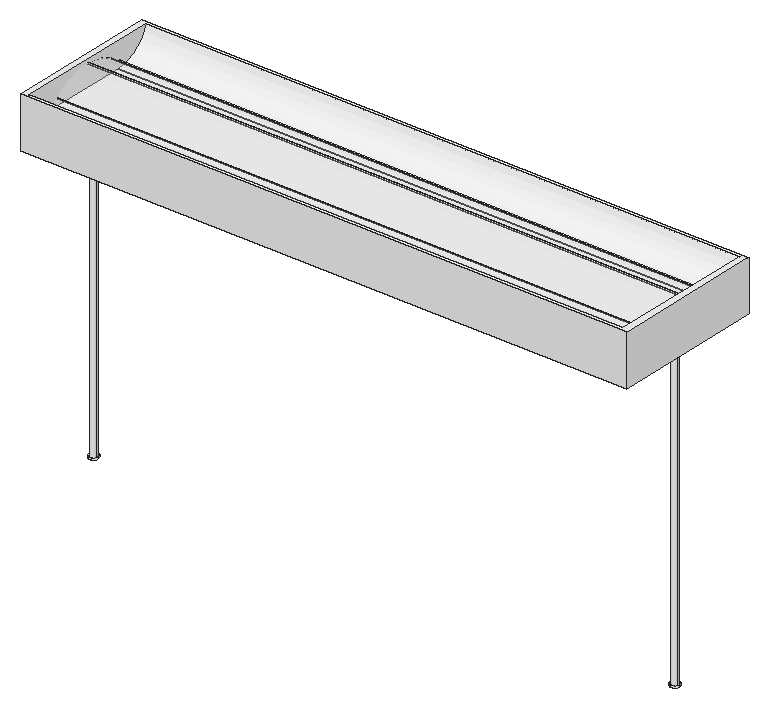
Revit family "SCCT-CM", category Lighting Fixtures, host Face, Revit 2021
Family settings
  Host = Face
  Round Connector Dimension = Use Diameter
  Part Type = Normal
  OmniClass Number = 23.80.70.11
  OmniClass Title = Luminaries for Internal Lighting
  Cut with Voids When Loaded = No
  Light Source = Yes
  Shared = No
  Room Calculation Point = No
Parameters (values of type "SCCT-CM-14")
  zz Length = Row Length - 0.083333 ft  # 3.916667 ft
  Width = 1.000 ft
  Wattage = 9.2903 W
  Warranty = "Five year warranty"  # constant formula
  built-in parameter 1150110 = 1 (stored number, unit not read)
  Voltage = 120 V
  built-in parameter 1114217 = 1 (stored number, unit not read)
  Tilt Angle = 60.00°
  built-in parameter 1150109 = 1 (stored number, unit not read)
  built-in parameter 1150134 = 3
  Suspension Height = 2.000 ft
  Wattage Comments = "40-80 W"  # constant formula
  URL = "https://www.currentlighting.com/columbia"
  built-in parameter 1150113 = 1 (stored number, unit not read)
  Product Page URL = ""
  Product Documentation Link = ""
  Photometric Web File = "generic"
  built-in parameter 1150142 = (empty or 0)
  Model = "SCCT-CM-14"
  Manufacturer = "Hubbell Lighting"  # constant formula
  Row Length = 4.000 ft
  built-in parameter 1150105 = 109.82 (stored number, unit not read)
  Lumens = 1380 lm
  built-in parameter 1150115 = 1 (stored number, unit not read)
  Load Classification = Lighting
  built-in parameter 1150137 = (empty or 0)
  built-in parameter 1150139 = (empty or 0)
  built-in parameter 1150112 = 1 (stored number, unit not read)
  built-in parameter 1150114 = 1 (stored number, unit not read)
  Lamp = "LED Lamp"  # constant formula
  Light Bulb = White Glass
  built-in parameter 1150132 = (empty or 0)
  built-in parameter 1150102 = (empty or 0)
  built-in parameter 1150107 = 3200 (stored number, unit not read)
  built-in parameter 1150138 = (empty or 0)
  built-in parameter 1150106 = 1.0982 (stored number, unit not read)
  Emit from Rectangle Width = 2.000 ft
  Emit from Rectangle Length = 4.000 ft
  Emit Shape Visible in Rendering = no
  built-in parameter 1150104 = 13.8 (stored number, unit not read)
  Dimming Lamp Color Temperature Shift = <None>
  Description = "LCAT provides both design and value with an architectural appearance, LED technology to reduce maintenance and a wide range of options for classrooms, offices, retail and health care applications"  # constant formula
  Default Elevation = 4.000 ft
  Contact us = ""
  Color Filter = 16777215
  built-in parameter 1114218 = 1 (stored number, unit not read)
  Backbox = White
  built-in parameter 1150133 = 10 (stored number, unit not read)
  Apparent Load = 0 VA
Types (4, lengths in ft): name | zz Length | Width | Model | Row Length | Load Classification
  (no name) | 3.916667 | 1.000 | "SCCT-CM-14" | 4.000 | Lighting
  SCCT-CM-14 | 3.916667 | 1.000 | "SCCT-CM-14" | 4.000 | Lighting
  SCCT-CM-22 | 1.916667 | 1.979167 | "SCCT-CM-22" | 2.000 | Other
  SCCT-CM-24 | 3.916667 | 2.083333 | "SCCT-CM-24" | 4.000 | Lighting
Reference planes (ft)
  plane 1 "Center (Front/Back)": y = 0.003333
  plane 2: z = 0
  plane 3 "Center (Left/Right)": x = 0.13912
  plane 4: x = -1.86088
  plane 5: x = 2.13912
  plane 6: z = 2
  plane 7: x = -1.777546
  plane 8: x = 2.055787
Forms (ft)
  Revolve 1, solid, material "White" <- "Backbox"
    sketch origin (0, 0.003333, 0) x (1, 0, 0) y (0, 0, 1)
      loop
        line (-1.777546, 2) -> (-1.777546, 0) -> (-1.747546, 0) -> (-1.747546, 0.008333) -> (-1.757546, 0.008333) -> (-1.757546, 1.991667) -> (-1.747546, 1.991667) -> (-1.747546, 2) -> (-1.777546, 2)
      axis (-1.777546, 2) -> (-1.777546, 0)
    angle from 0 to 360
  Revolve 2, solid, material "White" <- "Backbox"
    sketch origin (0, 0.003333, 0) x (1, 0, 0) y (0, 0, 1)
      loop
        line (2.055787, 2) -> (2.055787, 0) -> (2.085787, 0) -> (2.085787, 0.008333) -> (2.075787, 0.008333) -> (2.075787, 1.991667) -> (2.085787, 1.991667) -> (2.085787, 2) -> (2.055787, 2)
      axis (2.055787, 2) -> (2.055787, 0)
    angle from 0 to 360
Dimensions and locks (ft)
  equal spacing: plane 5, plane 3 "Center (Left/Right)", plane 4
  "Suspension Height": plane 6 to level
  equal spacing: plane 8, plane 3 "Center (Left/Right)", plane 7
  locked: plane 7 to plane 4 at 0.083333
  "Row Length": plane 5 to plane 4
  locked: Revolve 1 sketch curve to level at 0.008333
  locked: plane 6 to Revolve 2 sketch curve at 0.008333
  locked: plane 8 to Revolve 2 sketch curve at 0.02
  locked: Revolve 2 sketch curve to Revolve 2 sketch curve at 0.03
  locked: plane 8 to Revolve 2 sketch curve at 0.03
  locked: Revolve 2 sketch curve to plane 2 at 0.008333
  locked: Revolve 1 sketch curve to plane 7 at 0.02
  Revolve 1 sketch curve to plane 2 = 0.008333 ft
  locked: plane 7 to Revolve 1 sketch curve at 0.03
  locked: Revolve 1 sketch curve to plane 7 at 0.03
  aligned and locked: plane 2 to host face
  aligned and locked: level to host face
  aligned and locked: Revolve 1 sketch curve to plane 7
  aligned and locked: Revolve 1 sketch curve to plane 6
  aligned and locked: host face to Revolve 1 sketch curve
  aligned and locked: Revolve 1 sketch curve to Revolve 1 sketch curve
  aligned and locked: Revolve 2 sketch curve to Revolve 2 sketch curve
  aligned and locked: plane 8 to Revolve 2 sketch curve
  aligned and locked: plane 3 "Center (Left/Right)" to nested 1
  aligned and locked: plane 1 "Center (Front/Back)" to nested 1
  aligned and locked: plane 2 to Revolve 2 sketch curve
  aligned and locked: Revolve 2 sketch curve to plane 6
Automatic sketch dimensions
  host sketch curve to host sketch curve = 8.000 ft  (x2)
  Revolve 1 sketch curve to plane 6 = 0.008333 ft
  Revolve 1 sketch curve to level = 0.666667 ft
  Revolve 1 sketch curve to Revolve 1 sketch curve = 0.208333 ft
  plane 8 to Revolve 2 sketch curve = 0.000 ft
  Revolve 2 sketch curve to Revolve 2 sketch curve = 0.666667 ft
  Revolve 2 sketch curve to Revolve 2 sketch curve = 0.208333 ft
Nested families (ft)
  nested 1: "LED Contemporary Architectural Troffer" at (0.13912, 0.003333, 2), Glass <- "Light Bulb", Finish <- "Backbox", Row Length <- "Row Length", Width <- "Width", type "LED Contemporary Architectural Troffer"
    with Width 1.000 ft, Row Length 4.000 ft, Height 0.333333 ft, Glass White Glass, Finish White
Connectors (ft)
  electrical at (2.055787, 0.003333, 2), driven by "Voltage", driven by "Description", driven by "Apparent Load", driven by "Load Classification"
    settings: on Revolve 2, index 1, voltage 120 V, apparent load 0 VA, apparent load phase1 0 VA, apparent load phase2 0 VA, apparent load phase3 0 VA, power factor 1, load classification "Lighting", number of poles 1, system type 30, power factor state 1, is connector primary yes, connector utility no, sub classification motor no, connector description "LCAT provides both design and value with an architectural appearance, LED technology to reduce maintenance and a wide range of options for classrooms, offices, retail and health care applications"
Definition of nested family "LED Contemporary Architectural Troffer"
  Parameters
    Width [instance] = 2.000 ft
    Row Length [instance] = 2.000 ft
    Height [instance] = 0.333333 ft
    Glass [instance] = none
    Finish [instance] = none
    Default Elevation = 4.000 ft
  Reference planes (ft)
    plane 1 "Center (Front/Back)": y = 0
    plane 2: z = 0
    plane 3 "Center (Left/Right)": x = 0
    plane 4: x = 1
    plane 5: x = -1
    plane 6: y = -1
    plane 7: y = 1
    plane 8: z = 0.333333
    plane 9: x = -0.958333
    plane 10: x = 0.958333
    plane 11: y = -0.25
    plane 12: y = 0.25
    plane 13: z = 0.166667
    plane 14: y = -0.979167
    plane 15: y = 0.979167
    plane 16: z = 0.020833
  Forms (ft)
    Extrusion 1, solid
      sketch origin (0, 0, 0) x (1, 0, 0) y (0, 1, 0)
        loop
          line (-4, 4) -> (-4, -4) -> (4, -4) -> (4, 4) -> (-4, 4)
      from 0 to -1
    Extrusion 2, solid, material <- "Glass"
      sketch origin (0, 0, 0) x (0, 1, 0) y (0, 0, 1)
        loop
          arc (-0.25045, 0.166667) -> (-0.271283, 0.1875) -> (-0.25045, 0.208333) r 0.020833
          arc (-0.25045, 0.208333) -> (-0.135194, 0.283596) -> (0, 0.309496) r 0.355919
          arc (0, 0.309496) -> (0.135194, 0.283596) -> (0.25045, 0.208333) r 0.355919
          arc (0.25045, 0.208333) -> (0.271283, 0.1875) -> (0.25045, 0.166667) r 0.020833
          line (0.25045, 0.166667) -> (0.25045, 0.158186)
          arc (0.25045, 0.158186) -> (0.279683, 0.187419) -> (0.25045, 0.216651) r 0.029233
          arc (0.25045, 0.216651) -> (0.134867, 0.290829) -> (0, 0.316769) r 0.363081
          arc (0, 0.316769) -> (-0.134867, 0.290829) -> (-0.25045, 0.216651) r 0.363081
          arc (-0.25045, 0.216651) -> (-0.279683, 0.187419) -> (-0.25045, 0.158186) r 0.029233
          line (-0.25045, 0.158186) -> (-0.25045, 0.166667)
      from -0.958333 to 0.958333
    Extrusion 3, solid, material <- "Finish"
      sketch origin (0, 0, 0) x (0, 1, 0) y (0, 0, 1)
        loop
          line (-1, 0.333333) -> (-1, 0) -> (1, 0) -> (1, 0.333333) -> (-1, 0.333333)
      from 0.958333 to 1
    Extrusion 4, solid, material <- "Finish"
      sketch origin (0, 0, 0) x (0, 1, 0) y (0, 0, 1)
        loop
          line (1, 0.333333) -> (-1, 0.333333) -> (-1, 0) -> (1, 0) -> (1, 0.333333)
      from -1 to -0.958333
    Extrusion 5, solid, material <- "Finish"
      sketch origin (0, 0, 0) x (0, 1, 0) y (0, 0, 1)
        loop
          line (-1, 0) -> (1, 0) -> (1, 0.333333) -> (0.979167, 0.333333) -> (0.979167, 0.020833) -> (-0.979167, 0.020833) -> (-0.979167, 0.333333) -> (-1, 0.333333) -> (-1, 0)
      from -0.958333 to 0.958333
    Extrusion 6, solid, material <- "Finish"
      sketch origin (0, 0, 0) x (0, 1, 0) y (0, 0, 1)
        loop
          arc (-0.25, 0.166667) -> (-0.623986, 0.208864) -> (-0.979167, 0.333333) r 1.678385
          line (-0.979167, 0.333333) -> (-0.979167, 0.020833) -> (0.979167, 0.020833) -> (0.979167, 0.333333)
          arc (0.979167, 0.333333) -> (0.623986, 0.208864) -> (0.25, 0.166667) r 1.678385
          line (0.25, 0.166667) -> (-0.25, 0.166667)
      from -1 to 1
  Cuts and joins
    joined: Extrusion 3, Extrusion 4, Extrusion 5, Extrusion 6
  Dimensions and locks (ft)
    equal spacing: plane 4, plane 3 "Center (Left/Right)", plane 5
    "Row Length": plane 4 to plane 5
    equal spacing: plane 6, plane 1 "Center (Front/Back)", plane 7
    "Width": plane 6 to plane 7
    "Height": plane 8 to plane 2
    equal spacing: plane 10, plane 3 "Center (Left/Right)", plane 9
    locked: plane 9 to plane 5 at 0.041667
    equal spacing: plane 11, plane 1 "Center (Front/Back)", plane 12
    locked: plane 11 to plane 1 "Center (Front/Back)" at 0.25
    locked: plane 6 to plane 14 at 0.020833
    equal spacing: plane 14, plane 1 "Center (Front/Back)", plane 15
    locked: plane 16 to level at 0.020833
    level to Extrusion 5 = 0.333333 ft
    aligned and locked: plane 2 to Extrusion 1
    aligned and locked: level to Extrusion 1
    aligned and locked: Extrusion 2 to plane 10
    aligned and locked: Extrusion 2 to plane 9
    aligned and locked: plane 8 to Extrusion 3 sketch curve
    aligned and locked: plane 6 to Extrusion 3 sketch curve
    aligned and locked: level to Extrusion 3 sketch curve
    aligned and locked: Extrusion 3 sketch curve to plane 7
    aligned and locked: plane 4 to Extrusion 3
    aligned and locked: plane 10 to Extrusion 3
    aligned and locked: Extrusion 4 sketch curve to Extrusion 3  (x4)
    aligned and locked: Extrusion 4 to plane 5
    aligned and locked: plane 9 to Extrusion 4
    aligned and locked: Extrusion 5 sketch curve to Extrusion 3  (x4)
    aligned and locked: plane 8 to Extrusion 5 sketch curve
    aligned and locked: Extrusion 5 sketch curve to plane 14
    aligned and locked: plane 16 to Extrusion 5 sketch curve
    aligned and locked: Extrusion 5 sketch curve to plane 15
    aligned and locked: Extrusion 5 to plane 10
    aligned and locked: Extrusion 5 to plane 9
    aligned and locked: plane 13 to Extrusion 6 sketch curve
    aligned and locked: plane 12 to Extrusion 6 sketch curve
    aligned and locked: plane 11 to Extrusion 6 sketch curve
    aligned and locked: Extrusion 6 sketch curve to plane 14
    aligned and locked: plane 16 to Extrusion 6 sketch curve
    aligned and locked: Extrusion 6 sketch curve to plane 15
    aligned and locked: plane 4 to Extrusion 6
    aligned and locked: Extrusion 6 to plane 5
  Automatic sketch dimensions
    Extrusion 1 sketch curve to Extrusion 1 sketch curve = 8.000 ft  (x2)
    plane 13 to Extrusion 2 sketch curve = 0.000 ft  (x2)
    Extrusion 2 sketch curve to plane 1 "Center (Front/Back)" = 0.000 ft  (x2)
    plane 1 "Center (Front/Back)" to Extrusion 2 sketch curve = 0.000094 ft
    Extrusion 2 sketch curve to Extrusion 2 sketch curve = 0.0018 ft  (x2)
    Extrusion 2 sketch curve to plane 11 = 0.00045 ft
    Extrusion 2 sketch curve to plane 1 "Center (Front/Back)" = 0.000094 ft
    Extrusion 2 sketch curve to plane 12 = 0.00045 ft
    plane 13 to Extrusion 2 sketch curve = 0.008481 ft  (x2)
    Extrusion 2 sketch curve to level = 0.046313 ft
    Extrusion 2 sketch curve to Extrusion 2 sketch curve = 0.000 ft
    Extrusion 2 sketch curve to Extrusion 2 sketch curve = 0.000105 ft  (x2)
    Extrusion 2 sketch curve to Extrusion 2 sketch curve = 0.020752 ft
    Extrusion 2 sketch curve to Extrusion 2 sketch curve = 0.000081 ft
    plane 8 to Extrusion 6 sketch curve = 0.000 ft  (x2)
